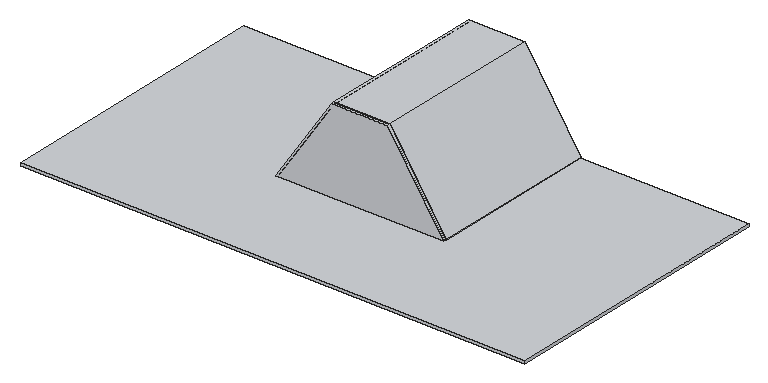
Revit family "Loose Rib Closure (Under Plug)", category Mechanical Equipment, Revit 2015
Parameters
  URL = "https://unitedenertech.com/catalog/pdf/M_39%20LOOSE%20RIB%20CLOSURES.pdf"
  Type Comments = "Standard Rib Closure Shown, Consult Factory for Custom Option Models."
  Model = "Loose Rib Closure (Under Plug)"
  Manufacturer = "United Enertech Corporation"
  Description = "Loose Rib Closure (Under Plug)"
Reference planes (in)
  plane 1 "Center (Front/Back)": y = 0
  plane 2: z = 0
  plane 3 "Center (Left/Right)": x = 0
  plane 4: y = -3
  plane 5: y = -5
  plane 6: x = -4.5
  plane 7: x = -1.5
  plane 8: x = 1.5
  plane 9: x = 4.5
  plane 10: z = 0.0478
  plane 11: z = 1.5478
  plane 12: z = 1.5
  plane 13: x = -0.5
  plane 14: x = 0.5
Forms (in)
  Extrusion 1, solid
    sketch origin (0, 0, 0) x (1, 0, 0) y (0, 1, 0)
      loop
        line (-4.5, 0) -> (-4.5, -5) -> (4.5, -5) -> (4.5, 0) -> (1.5, 0) -> (1.5, -3) -> (-1.5, -3) -> (-1.5, 0) -> (-4.5, 0)
    from 0 to 0.0478
  Extrusion 2, solid
    sketch origin (0, 0, 0) x (1, 0, 0) y (0, 0, 1)
      loop
        line (-1.5, 0.0478) -> (-1.5, 0) -> (-0.5, 1.5) -> (0.5, 1.5) -> (1.5, 0) -> (1.5, 0.0478) -> (0.5, 1.5478) -> (-0.5, 1.5478) -> (-1.5, 0.0478)
    from 0 to 3
  Extrusion 3, solid
    sketch origin (0, 0, 0) x (1, 0, 0) y (0, 0, 1)
      loop
        line (-0.5, 1.5478) -> (-1.5, 0.0478) -> (1.5, 0.0478) -> (0.5, 1.5478) -> (-0.5, 1.5478)
    from 3 to 3.0478
Dimensions and locks (in)
  locked: plane 4 to plane 5 at 2
  locked: plane 1 "Center (Front/Back)" to plane 4 at 3
  locked: plane 6 to plane 7 at 3
  locked: plane 7 to plane 3 "Center (Left/Right)" at 1.5
  locked: plane 3 "Center (Left/Right)" to plane 8 at 1.5
  locked: plane 8 to plane 9 at 3
  locked: plane 10 to level at 0.0478
  locked: plane 11 to plane 12 at 0.0478
  locked: plane 12 to plane 10 at 1.4522
  locked: plane 13 to plane 3 "Center (Left/Right)" at 0.5
  locked: plane 3 "Center (Left/Right)" to plane 14 at 0.5
  aligned and locked: level to plane 2
  aligned and locked: Extrusion 1 sketch curve to plane 6
  aligned and locked: Extrusion 1 sketch curve to plane 7
  aligned and locked: plane 8 to Extrusion 1 sketch curve
  aligned and locked: Extrusion 1 sketch curve to plane 9
  aligned and locked: plane 1 "Center (Front/Back)" to Extrusion 1 sketch curve  (x2)
  aligned and locked: Extrusion 1 sketch curve to plane 4
  aligned and locked: plane 5 to Extrusion 1 sketch curve
  aligned and locked: Extrusion 1 to level
  aligned and locked: plane 10 to Extrusion 1
  aligned and locked: Extrusion 2 sketch curve to plane 11
  aligned and locked: Extrusion 2 sketch curve to plane 12
  aligned and locked: Extrusion 2 sketch curve to plane 7
  aligned and locked: Extrusion 2 sketch curve to plane 8
  aligned and locked: Extrusion 2 to plane 1 "Center (Front/Back)"
  aligned and locked: Extrusion 2 to plane 4
  aligned and locked: plane 4 to Extrusion 3
